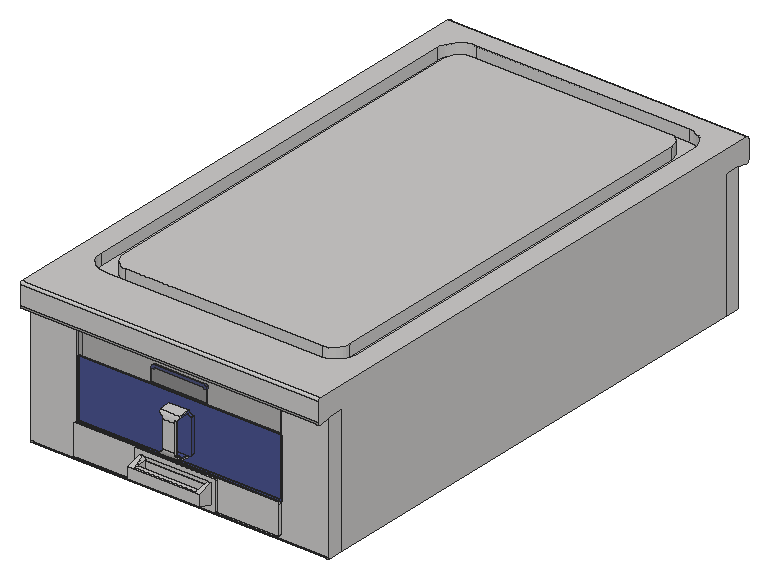
Revit family "QF_ELECTROLUXPROFESSIONAL_589005_MCLBACEOAO", category Specialty Equipment, Revit 2018
Family settings
  Round Connector Dimension = Use Diameter
  Part Type = Normal
  Work Plane-Based = No
  Always vertical = Yes
  Cut with Voids When Loaded = No
  Shared = No
  Room Calculation Point = No
Parameters
  Weight in Pounds = 165.3
  Watts = 6000 VA  # 6000 W
  Volts = 400 V  # constant formula
  URL Cutsheet = ""
  Type Mark [instance] = ""
  Status [instance] = ""
  Specification by User [instance] = ""
  Specification by Manufacturer = ""
  Show Clearance [instance] = yes
  Serial Number = ""
  Seismic Rating = ""
  SMACNA No = ""
  Revision Code [instance] = ""
  Phase = 3  # constant formula
  Omniclass Number and Title = ""
  Number of Poles [instance] = 1
  NAFEM Spec ID Number = ""
  Model = "589005"
  Min Ckt Ampacity = 0 A
  Max Overcurrent Protection = 0 A
  Masterspec = ""
  Manufacturer = "ELECTROLUX"
  Item Number [instance] = ""
  Installed By [instance] = ""
  Identify Quantity as Lot [instance] = yes
  HP = "8 HP"
  Furnished By [instance] = ""
  Foodservice Equipment Identifier [instance] = yes
  FL Amps [instance] = if(Phase = 3, Watts / (Volts * 1.73), Watts / Volts)  # 8.67052 A
  Electrical Remarks = "400 V/3N ph/50/60 Hz"  # constant formula
  Electric Connection Type [instance] = ""
  Elec Conn RI Height [instance] = 0 mm
  Elec Conn Connection Height [instance] = 0 mm
  Direct Waste Size = 0"
  Description = "EL.SOLID TOP,2 ZONES,ECO,2S,500X900X250H"
  Cycle [instance] = if([60 Hertz Option], 60 Hz, 50 Hz)  # 60 Hz
  Conn Plug = ""
  Conn Conduit = yes
  CSI MasterFormat = ""
  CSI Master Format = ""
  Back Panel [instance] = yes
  Apparent Power [instance] = if(Phase = 3, Volts * FL Amps * 1.73, Volts * FL Amps)  # 6000 VA
  60 Hertz Option [instance] = not([50 Hertz Option])  # yes
  50 Hertz Option [instance] = no
Reference planes
  plane 1 "BACK": y = 0
  plane 2: z = 0
  plane 3 "LEFT": x = 0
  plane 4 "RIGHT": x = 500
  plane 5 "FRONT": y = -900
  plane 6 "TOP": z = 250
  plane 7: x = 250
  plane 8: y = -450
  plane 9: x = 455
  plane 10: y = -1330
Forms (mm)
  Extrusion 1, solid, material "QF_Finishes_Stainless Steel"
    sketch origin (0, -487.128, 0) x (0, 1, 0) y (0, 0, 1)
      loop
        line (483.128, 250) -> (-408.872, 250)
        arc (-408.872, 250) -> (-411.7, 248.828) -> (-412.872, 246) r 4
        line (-412.872, 246) -> (-412.872, 214)
        arc (-412.872, 214) -> (-411.443, 210.936) -> (-408.177, 210.061) r 4
        line (-408.177, 210.061) -> (-391.509, 213) -> (-366.872, 213) -> (-366.872, 0) -> (441.128, 0) -> (441.128, 213) -> (465.765, 213) -> (482.433, 210.061)
        arc (482.433, 210.061) -> (485.699, 210.936) -> (487.128, 214) r 4
        line (487.128, 214) -> (487.128, 246)
        arc (487.128, 246) -> (485.956, 248.828) -> (483.128, 250) r 4
    from 0 to 500
  Extrusion 2, void
    sketch origin (653.786, 44.048, 250) x (1, 0, 0) y (0, -1, 0)
      loop
        arc (-619.186, 115.648) -> (-608.349, 89.485) -> (-582.186, 78.648) r 37
        line (-582.186, 78.648) -> (-225.386, 78.648)
        arc (-225.386, 78.648) -> (-199.223, 89.485) -> (-188.386, 115.648) r 37
        line (-188.386, 115.648) -> (-188.386, 816.572)
        arc (-188.386, 816.572) -> (-199.656, 843.779) -> (-226.863, 855.048) r 38.476
        line (-226.863, 855.048) -> (-582.186, 855.048)
        arc (-582.186, 855.048) -> (-608.349, 844.211) -> (-619.186, 818.048) r 37
        line (-619.186, 818.048) -> (-619.186, 115.648)
    from 0 to 19.1
  Extrusion 3, solid, material "QF_Finishes_Stainless Steel"
    sketch origin (0, -854, 0) x (1, 0, 0) y (0, -1, 0)
      loop
        circle (455, -169) r 6.35
    from 0 to 3.2
  Extrusion 4, solid, material "QF_Finishes_Stainless Steel"
    sketch origin (653.786, 109.048, 230.9) x (1, 0, 0) y (0, 1, 0)
      loop
        arc (-568.386, -169.048) -> (-586.347, -176.488) -> (-593.786, -194.448) r 25.4
        line (-593.786, -194.448) -> (-593.786, -869.248)
        arc (-593.786, -869.248) -> (-586.347, -887.209) -> (-568.386, -894.648) r 25.4
        line (-568.386, -894.648) -> (-239.186, -894.648)
        arc (-239.186, -894.648) -> (-221.226, -887.209) -> (-213.786, -869.248) r 25.4
        line (-213.786, -869.248) -> (-213.786, -194.448)
        arc (-213.786, -194.448) -> (-221.226, -176.488) -> (-239.186, -169.048) r 25.4
        line (-239.186, -169.048) -> (-568.386, -169.048)
    from 0 to 19.1
  Extrusion 5, solid, material "QF_Door-Drawer Clearances", visible <- "Show Clearance", detail levels coarse
    sketch origin (287.31, -881.593, 8.62) x (0, 0, 1) y (-1, 0, 0)
      loop
        line (1.973, -134.295) -> (49.317, -134.295)
        arc (49.317, -134.295) -> (50.776, -133.691) -> (51.38, -132.232) r 2.063
        line (51.38, -132.232) -> (51.38, 206.852)
        arc (51.38, 206.852) -> (50.88, 208.549) -> (49.541, 209.705) r 3.133
        line (49.541, 209.705) -> (3.067, 209.705)
        arc (3.067, 209.705) -> (0.898, 208.807) -> (0, 206.638) r 3.067
        line (0, 206.638) -> (0, -132.322)
        arc (0, -132.322) -> (0.578, -133.717) -> (1.973, -134.295) r 1.973
    from 0 to 448.407
Cuts and joins
  Extrusion 2 cuts Extrusion 1
Lines and regions (mm)
  symbolic lines
    curve 1: line (0, 0, 0) -> (500, 0, 0)
    curve 2: line (0, -900, 0) -> (0, 0, 0)
    curve 3: line (500, -900, 0) -> (0, -900, 0)
    curve 4: line (500, 0, 0) -> (500, -900, 0)
    curve 5: line (266.108, -902.326, 0) -> (266.108, -900, 0)
    curve 6: spline (260.439, -903.73, 0) -> (260.918, -903.657, 0) -> (261.396, -903.575, 0) -> (261.873, -903.486, 0) -> (262.349, -903.389, 0) -> (262.823, -903.283, 0) -> (263.297, -903.17, 0) -> (263.769, -903.049, 0) -> (264.24, -902.92, 0) -> (264.71, -902.783, 0) -> (265.177, -902.638, 0) -> (265.643, -902.486, 0) -> (266.108, -902.326, 0)
    curve 7: line (233.892, -902.326, 0) -> (233.892, -900, 0)
    curve 8: spline (233.892, -902.326, 0) -> (234.357, -902.486, 0) -> (234.823, -902.638, 0) -> (235.29, -902.783, 0) -> (235.76, -902.92, 0) -> (236.231, -903.049, 0) -> (236.703, -903.17, 0) -> (237.177, -903.283, 0) -> (237.651, -903.389, 0) -> (238.127, -903.486, 0) -> (238.604, -903.575, 0) -> (239.082, -903.657, 0) -> (239.561, -903.73, 0)
    curve 9: line (260.439, -903.73, 0) -> (239.561, -903.73, 0)
    curve 21: line (414.6, -60, 0) -> (85.4, -60, 0)
    curve 22: arc (85.4, -60, 0) -> (67.439, -67.439, 0) -> (60, -85.4, 0) r 25.4
    curve 23: line (60, -85.4, 0) -> (60, -760.2, 0)
    curve 24: arc (60, -760.2, 0) -> (67.439, -778.161, 0) -> (85.4, -785.6, 0) r 25.4
    curve 25: line (85.4, -785.6, 0) -> (414.6, -785.6, 0)
    curve 26: arc (414.6, -785.6, 0) -> (432.561, -778.161, 0) -> (440, -760.2, 0) r 25.4
    curve 27: line (440, -760.2, 0) -> (440, -85.4, 0)
    curve 28: arc (440, -85.4, 0) -> (432.561, -67.439, 0) -> (414.6, -60, 0) r 25.4
    curve 29: line (195.232, -908.767, 0) -> (193.654, -900, 0)
    curve 30: line (195.232, -908.767, 0) -> (297.667, -908.767, 0)
    curve 31: line (297.667, -908.767, 0) -> (299.244, -900, 0)
    curve 32: line (266.108, 2.326, 0) -> (266.108, 0, 0)
    curve 33: spline (260.439, 3.73, 0) -> (260.918, 3.657, 0) -> (261.396, 3.575, 0) -> (261.873, 3.486, 0) -> (262.349, 3.389, 0) -> (262.823, 3.283, 0) -> (263.297, 3.17, 0) -> (263.769, 3.049, 0) -> (264.24, 2.92, 0) -> (264.71, 2.783, 0) -> (265.177, 2.638, 0) -> (265.643, 2.486, 0) -> (266.108, 2.326, 0)
    curve 34: line (233.892, 2.326, 0) -> (233.892, 0, 0)
    curve 35: spline (233.892, 2.326, 0) -> (234.357, 2.486, 0) -> (234.823, 2.638, 0) -> (235.29, 2.783, 0) -> (235.76, 2.92, 0) -> (236.231, 3.049, 0) -> (236.703, 3.17, 0) -> (237.177, 3.283, 0) -> (237.651, 3.389, 0) -> (238.127, 3.486, 0) -> (238.604, 3.575, 0) -> (239.082, 3.657, 0) -> (239.561, 3.73, 0)
    curve 36: line (260.439, 3.73, 0) -> (239.561, 3.73, 0)
  symbolic lines, style "QF_Door-Drawer Clearances"
    curve 10: line (77.605, -1330, 0) -> (77.605, -900, 0)
    curve 11: line (77.605, -1330, 0) -> (421.605, -1330, 0)
    curve 12: line (421.605, -1330, 0) -> (421.605, -900, 0)
  symbolic lines, style "SpecialityEquipment"
    curve 13: line (71.6, -34.6, 0) -> (428.4, -34.6, 0)
    curve 14: arc (428.4, -34.6, 0) -> (454.563, -45.437, 0) -> (465.4, -71.6, 0) r 37
    curve 15: line (465.4, -71.6, 0) -> (465.4, -772.524, 0)
    curve 16: arc (465.4, -772.524, 0) -> (454.131, -799.731, 0) -> (426.924, -811, 0) r 38.476
    curve 17: line (426.924, -811, 0) -> (71.6, -811, 0)
    curve 18: arc (71.6, -811, 0) -> (45.437, -800.163, 0) -> (34.6, -774, 0) r 37
    curve 19: line (34.6, -774, 0) -> (34.6, -71.6, 0)
    curve 20: arc (34.6, -71.6, 0) -> (45.437, -45.437, 0) -> (71.6, -34.6, 0) r 37
Dimensions and locks
  plane 3 "LEFT" to plane 4 "RIGHT" = 500 mm
  plane 5 "FRONT" to plane 1 "BACK" = 900 mm
  equal spacing: plane 3 "LEFT", plane 7, plane 4 "RIGHT"
  equal spacing: plane 5 "FRONT", plane 8, plane 1 "BACK"
  plane 6 "TOP" to level = 250 mm  (x2)
  plane 1 "BACK" to plane 5 "FRONT" = 900 mm
  Extrusion 3 sketch curve to plane 1 "BACK" = 685 mm
  Extrusion 3 sketch curve to plane 4 "RIGHT" = 45 mm
  plane 1 "BACK" to Extrusion 3 = 685 mm
  plane 9 to plane 4 "RIGHT" = 45 mm
  aligned and locked: level to plane 2
  aligned and locked: cut or joined group of Extrusion 1, Extrusion 2 to plane 4 "RIGHT"
  aligned and locked: plane 7 to nested 1
Automatic sketch dimensions
  Extrusion 1 sketch curve to plane 5 "FRONT" = 0 mm
  Extrusion 1 sketch curve to plane 6 "TOP" = 0 mm
  Extrusion 1 sketch curve to level = 0 mm
  Extrusion 1 sketch curve to plane 1 "BACK" = 0 mm
  Extrusion 1 sketch curve to plane 6 "TOP" = 37 mm  (x2)
  Extrusion 1 sketch curve to plane 5 "FRONT" = 4 mm
  Extrusion 1 sketch curve to plane 5 "FRONT" = 21.363 mm
  Extrusion 1 sketch curve to plane 5 "FRONT" = 46 mm
  plane 1 "BACK" to Extrusion 1 sketch curve = 21.363 mm
  plane 1 "BACK" to Extrusion 1 sketch curve = 4 mm  (x2)
  Extrusion 1 sketch curve to Extrusion 1 sketch curve = 4 mm
  Extrusion 1 sketch curve to Extrusion 1 sketch curve = 0.695 mm
  Extrusion 1 sketch curve to Extrusion 1 sketch curve = 0 mm  (x4)
  plane 1 "BACK" to Extrusion 1 sketch curve = 4.695 mm
  Extrusion 1 sketch curve to Extrusion 1 sketch curve = 1 mm  (x2)
  plane 1 "BACK" to Extrusion 1 sketch curve = 46 mm
  plane 1 "BACK" to curve 1 = 0 mm
  curve 1 to plane 4 "RIGHT" = 0 mm
  curve 12 to plane 10 = 0 mm
  curve 2 to plane 3 "LEFT" = 0 mm
  plane 5 "FRONT" to curve 4 = 0 mm
  curve 15 to plane 9 = 10.4 mm
  plane 9 to curve 27 = 15 mm
  plane 9 to curve 13 = 26.6 mm
  plane 9 to curve 17 = 28.076 mm
  plane 9 to curve 12 = 33.395 mm
  curve 14 to curve 21 = 13.8 mm
  curve 16 to curve 25 = 12.324 mm
  plane 5 "FRONT" to curve 31 = 8.767 mm
  plane 7 to curve 31 = 47.667 mm
  curve 32 to plane 1 "BACK" = 2.326 mm
  plane 7 to curve 32 = 16.108 mm
  plane 5 "FRONT" to curve 5 = 2.326 mm
  plane 7 to curve 5 = 16.108 mm
  curve 36 to plane 1 "BACK" = 3.73 mm
  curve 32 to curve 36 = 5.669 mm
  plane 5 "FRONT" to curve 9 = 3.73 mm
  curve 5 to curve 9 = 5.669 mm
  curve 36 to plane 7 = 10.439 mm
  curve 9 to plane 7 = 10.439 mm
  plane 5 "FRONT" to curve 7 = 2.326 mm
  curve 9 to curve 7 = 5.669 mm
  curve 34 to plane 1 "BACK" = 2.326 mm
  curve 36 to curve 34 = 5.669 mm
  curve 8 to curve 30 = 38.66 mm
  plane 3 "LEFT" to curve 25 = 85.4 mm
  plane 3 "LEFT" to curve 21 = 85.4 mm
  plane 3 "LEFT" to curve 11 = 77.605 mm
  curve 25 to curve 17 = 13.8 mm
  curve 22 to curve 13 = 13.8 mm
  curve 20 to curve 23 = 11.6 mm
  curve 23 to curve 19 = 25.4 mm
  curve 31 to curve 30 = 1.578 mm
  plane 7 to curve 6 = 6.269 mm
  curve 33 to plane 1 "BACK" = 4.032 mm
  curve 36 to curve 33 = 4.17 mm
  curve 35 to plane 7 = 6.269 mm
  plane 5 "FRONT" to curve 8 = 4.032 mm
  curve 8 to curve 8 = 4.17 mm
  curve 29 to curve 29 = 1.578 mm
  plane 1 "BACK" to curve 13 = 34.6 mm
  curve 21 to curve 20 = 11.6 mm
  curve 27 to plane 5 "FRONT" = 139.8 mm
  curve 27 to curve 15 = 12.324 mm
  curve 35 to plane 1 "BACK" = 4.032 mm
  curve 8 to curve 6 = 0 mm
  Extrusion 1 to Extrusion 2 sketch curve = 34.6 mm  (x2)
  Extrusion 1 to Extrusion 2 sketch curve = 85 mm
  Extrusion 1 to Extrusion 2 sketch curve = 30.6 mm
  Extrusion 2 sketch curve to Extrusion 2 sketch curve = 37 mm  (x2)
  Extrusion 1 to Extrusion 2 sketch curve = 73.076 mm
  Extrusion 1 to Extrusion 2 sketch curve = 71.6 mm
  Extrusion 4 sketch curve to Extrusion 2 = 25.4 mm  (x3)
  Extrusion 4 sketch curve to Extrusion 4 sketch curve = 25.4 mm  (x2)
  Extrusion 4 sketch curve to Extrusion 2 = 50.8 mm  (x3)
  level to Extrusion 5 sketch curve = 8.62 mm
  plane 9 to Extrusion 5 sketch curve = 33.395 mm
  Extrusion 5 sketch curve to Extrusion 5 sketch curve = 1.973 mm
  Extrusion 5 sketch curve to Extrusion 5 sketch curve = 3.067 mm
  Extrusion 5 sketch curve to Extrusion 5 sketch curve = 47.344 mm
  Extrusion 5 sketch curve to Extrusion 5 sketch curve = 46.474 mm
  Extrusion 5 sketch curve to Extrusion 5 sketch curve = 2.063 mm
  Extrusion 5 sketch curve to Extrusion 5 sketch curve = 3.133 mm
  plane 3 "LEFT" to Extrusion 5 sketch curve = 80.672 mm
  radius of Extrusion 3 sketch curve = 6.35 mm
Nested families
  nested 1: "EST_900_500 Panel Single Centered" at (250, -854, -651.71), type "EST_900_500 Panel Single Centered"
  nested 2: "EST_900_500 Panel Single Centered" at (250, -46, -651.71), type "EST_900_500 Panel Single Centered"
    with Show Greas Trap no
Connectors
  electrical at (455, -685, -3.2), driven by "Volts", driven by "Watts"
    settings: on Extrusion 3, index 1, voltage 400 V, apparent load 6000 VA, apparent load phase1 0 VA, apparent load phase2 0 VA, apparent load phase3 0 VA, power factor 1, load classification "Other", number of poles 1, system type 30, power factor state 1, is connector primary yes, connector utility no, sub classification motor no, connector description "ELECTRICAL CONNECTION"
Definition of nested family "EST_900_500 Panel Single Centered"
  Parameters
    Show Greas Trap [instance] = yes
  Reference planes
    plane 1 "Center (Front/Back)": y = 0
    plane 2: z = 0
    plane 3 "Center (Left/Right)": x = 0
  Forms (mm)
    Extrusion 1, solid
      sketch origin (833.217, 829.203, -1.25) x (0, 1, 0) y (0, 0, 1)
        loop
          arc (-854.203, 655.96) -> (-853.324, 653.839) -> (-851.203, 652.96) r 3
          line (-851.203, 652.96) -> (-829.203, 652.96) -> (-829.203, 865.96) -> (-854.203, 865.96) -> (-854.203, 655.96)
      from -1083.217 to -583.217
    Extrusion 2, void
      sketch origin (33.217, 829.203, 0.636) x (1, 0, 0) y (0, 0, 1)
        loop
          line (-205.217, 852.364) -> (-205.217, 710.364) -> (138.783, 710.364) -> (138.783, 852.364) -> (-205.217, 852.364)
      from 843.409 to 854.203
  Cuts and joins
    Extrusion 2 cuts Extrusion 1
  Dimensions and locks
    cut or joined group of Extrusion 1, Extrusion 2 to cut or joined group of Extrusion 1, Extrusion 2 = 500 mm  (x2)
    equal spacing: cut or joined group of Extrusion 1, Extrusion 2, nested 1, cut or joined group of Extrusion 1, Extrusion 2
    cut or joined group of Extrusion 1, Extrusion 2 to cut or joined group of Extrusion 1, Extrusion 2 = 213 mm
    aligned and locked: nested 1 to cut or joined group of Extrusion 1, Extrusion 2
  Automatic sketch dimensions
    Extrusion 1 sketch curve to plane 1 "Center (Front/Back)" = 0 mm
    plane 1 "Center (Front/Back)" to Extrusion 1 sketch curve = 22 mm
    Extrusion 1 sketch curve to Extrusion 1 sketch curve = 3 mm
    level to Extrusion 1 sketch curve = 651.71 mm
    Extrusion 1 sketch curve to Extrusion 1 sketch curve = 210 mm
    Extrusion 2 sketch curve to plane 3 "Center (Left/Right)" = 172 mm
    plane 3 "Center (Left/Right)" to Extrusion 2 sketch curve = 172 mm
    level to Extrusion 2 sketch curve = 711 mm
    Extrusion 2 sketch curve to Extrusion 2 sketch curve = 142 mm
  Nested families
    nested 1: "glass conrol panel One Right Side" at (0, 279.791, 1.886), type "glass conrol panel One Right Side"
    nested 2: "Range Control Handle" at (0, -27.043, -209.113), type "Range Control Handle"
    nested 3: "grease trap door" at (65.223, -25, 0.608) x (-1, 0, 0) z (0, 0, 1), visible <- "Show Greas Trap", type "grease trap door"
  Definition of nested family "glass conrol panel One Right Side"
    Reference planes
      plane 1 "Center (Front/Back)": y = 0
      plane 2: z = 0
      plane 3 "Center (Left/Right)": x = 0
    Forms (mm)
      Extrusion 1, solid
        sketch origin (378.286, 0, 0.617) x (1, 0, 0) y (0, 0, 1)
          loop
            line (-550.286, 806.791) -> (-550.286, 708.497) -> (-206.286, 708.497) -> (-206.286, 806.791) -> (-550.286, 806.791)
        from 300.031 to 304.8
      Extrusion 2, solid
        sketch origin (378.286, 0, 0.617) x (1, 0, 0) y (0, 0, 1)
          loop
            line (-550.286, 850.497) -> (-550.286, 806.791) -> (-206.286, 806.791) -> (-206.286, 850.497) -> (-550.286, 850.497)
        from 300.031 to 304.8
      Extrusion 3, solid
        sketch origin (308.333, 1.101, -0.633) x (1, 0, 0) y (0, 0, 1)
          loop
            line (-261.431, 812.62) -> (-261.431, 834.177) -> (-266.24, 834.177) -> (-268.039, 835.977) -> (-348.469, 835.977) -> (-350.269, 834.177) -> (-355.186, 834.177) -> (-355.186, 812.62) -> (-261.431, 812.62)
        from 304.798 to 306.745
      Extrusion 4, solid
        sketch origin (308.333, 1.101, -0.633) x (1, 0, 0) y (0, 0, 1)
          loop
            line (-350.269, 834.177) -> (-348.469, 835.977) -> (-268.039, 835.977) -> (-266.24, 834.177) -> (-261.529, 834.177)
            arc (-261.529, 834.177) -> (-262.706, 838.752) -> (-266.98, 840.763) r 5.549
            line (-266.98, 840.763) -> (-349.686, 840.763)
            arc (-349.686, 840.763) -> (-353.942, 838.747) -> (-355.078, 834.177) r 5.5
            line (-355.078, 834.177) -> (-350.269, 834.177)
        from 304.798 to 306.745
      Extrusion 5, void
        sketch origin (378.286, 0, 0.617) x (1, 0, 0) y (0, 0, 1)
          loop
            line (-547.628, 847.565) -> (-547.628, 710.699) -> (-209.196, 710.699) -> (-209.196, 847.565) -> (-547.628, 847.565)
        from 303.697 to 304.8
    Cuts and joins
      Extrusion 5 cuts Extrusion 2
      Extrusion 5 cuts Extrusion 1
    Dimensions and locks
      aligned and locked: Extrusion 1 to Extrusion 2
      aligned and locked: Extrusion 4 sketch curve to Extrusion 3  (x4)
      aligned and locked: Extrusion 3 to Extrusion 4 sketch curve
      aligned and locked: Extrusion 4 to Extrusion 3
  Definition of nested family "Range Control Handle"
    Reference planes
      plane 1 "Center (Front/Back)": y = 0
      plane 2: z = 0
      plane 3 "Center (Left/Right)": x = 0
      plane 4: z = 971.092
    Forms (mm)
      Extrusion 1, solid
        sketch origin (-746.28, 380.497, 208.931) x (-1, 0, 0) y (0, 0, 1)
          loop
            line (-770.101, 786.798) -> (-770.101, 731.649)
            arc (-770.101, 731.649) -> (-769.759, 730.563) -> (-768.855, 729.87) r 1.893
            line (-768.855, 729.87) -> (-763.474, 727.911) -> (-729.81, 727.911) -> (-724.428, 729.87)
            arc (-724.428, 729.87) -> (-723.525, 730.563) -> (-723.183, 731.649) r 1.893
            line (-723.183, 731.649) -> (-723.183, 786.798)
            arc (-723.183, 786.798) -> (-723.529, 787.894) -> (-724.44, 788.593) r 1.91
            line (-724.44, 788.593) -> (-729.683, 790.819) -> (-763.601, 790.819) -> (-768.844, 788.593)
            arc (-768.844, 788.593) -> (-769.755, 787.894) -> (-770.101, 786.798) r 1.91
        from -382.35 to -378.852
      Sweep 2, solid
        path origin (-746.788, 380.496, 208.091) x (0, -1, 0) y (0, 0, 1)
          loop
            line (379.775, 793.281) -> (395.661, 791.048)
            arc (395.661, 791.048) -> (397.781, 787.377) -> (398.517, 783.202) r 12.207
            line (398.517, 783.202) -> (398.517, 737.368)
            arc (398.517, 737.368) -> (397.781, 733.193) -> (395.661, 729.522) r 12.207
            line (395.661, 729.522) -> (379.775, 727.289)
        profile origin (-746.788, -7.222, 1000.256) x (0, -0.139173, 0.990268) y (-1, 0, 0)
          loop
            line (0.782, -763.123) -> (0.782, -730.907) -> (-1.322, -730.907) -> (-1.322, -763.123) -> (0.782, -763.123)
      Sweep 3, solid
        path origin (-746.788, 380.715, 207.832) x (0, -1, 0) y (0, 0, 1)
          loop
            line (380.478, 795.442) -> (397.218, 793.09)
            arc (397.218, 793.09) -> (399.929, 788.473) -> (400.871, 783.202) r 15.207
            line (400.871, 783.202) -> (400.871, 737.584)
            arc (400.871, 737.584) -> (399.914, 732.274) -> (397.164, 727.633) r 15.207
            line (397.164, 727.633) -> (380.601, 725.305)
        profile origin (-746.788, -8.132, 1002.099) x (0, -0.139173, 0.990268) y (-1, 0, 0)
          loop
            line (0.782, -763.123) -> (0.782, -730.907) -> (-1.322, -730.907) -> (-1.322, -763.123) -> (0.782, -763.123)
      Extrusion 4, void
        sketch origin (889.253, 220.666, 207.993) x (1, 0, 0) y (0, 0, 1)
          loop
            line (-943.038, 816.854) -> (-943.038, 703.686) -> (-899.466, 734.196) -> (-899.466, 786.344) -> (-943.038, 816.854)
        from 230.636 to 242.25
      Extrusion 5, void
        sketch origin (-888.8, 220.666, 207.993) x (-1, 0, 0) y (0, 0, -1)
          loop
            line (-943.038, -816.854) -> (-899.466, -786.344) -> (-899.466, -734.196) -> (-943.038, -703.686) -> (-943.038, -816.854)
        from 230.636 to 242.25
      Extrusion 6, solid
        sketch origin (0, 0, 0) x (1, 0, 0) y (0, 0, 1)
          loop
            circle (0, 971.092) r 7.736
        from -3.137 to -1.645
    Cuts and joins
      Extrusion 4, Extrusion 5 cuts Sweep 3
      Extrusion 4, Extrusion 5 cuts Sweep 2
      joined: Extrusion 1, Extrusion 6
    Lines and regions (mm)
      symbolic lines
        curve 1: line (23.821, 1.645, 0) -> (-23.097, 1.645, 0)
        curve 2: line (16.334, -1.853, 0) -> (23.821, -1.853, 0)
        curve 3: line (-15.881, -19.189, 0) -> (-15.881, -1.853, 0)
        curve 4: line (-23.097, -1.853, 0) -> (-15.881, -1.853, 0)
        curve 5: line (16.334, -19.189, 0) -> (16.334, -1.853, 0)
        curve 6: spline (-15.881, -19.189, 0) -> (-15.417, -19.349, 0) -> (-14.951, -19.501, 0) -> (-14.483, -19.646, 0) -> (-14.014, -19.783, 0) -> (-13.543, -19.912, 0) -> (-13.071, -20.033, 0) -> (-12.597, -20.146, 0) -> (-12.122, -20.251, 0) -> (-11.646, -20.349, 0) -> (-11.169, -20.438, 0) -> (-10.691, -20.52, 0) -> (-10.213, -20.593, 0)
        curve 7: spline (10.666, -20.593, 0) -> (11.144, -20.52, 0) -> (11.622, -20.438, 0) -> (12.099, -20.349, 0) -> (12.575, -20.251, 0) -> (13.05, -20.146, 0) -> (13.524, -20.033, 0) -> (13.996, -19.912, 0) -> (14.467, -19.783, 0) -> (14.936, -19.646, 0) -> (15.404, -19.501, 0) -> (15.87, -19.349, 0) -> (16.334, -19.189, 0)
        curve 8: line (-10.213, -20.938, 0) -> (10.716, -20.938, 0)
        curve 9: line (-23.097, 1.645, 0) -> (-23.097, -1.853, 0)
        curve 10: line (23.821, 1.645, 0) -> (23.821, -1.853, 0)
  Definition of nested family "grease trap door"
    Reference planes
      plane 1 "Center (Front/Back)": y = 0
      plane 2: z = 0
      plane 3 "Center (Left/Right)": x = 0
    Forms (mm)
      Extrusion 1, solid
        sketch origin (1627.55, 854.203, -1.25) x (1, 0, 0) y (0, 0, 1)
          loop
            arc (-1627.55, 661.235) -> (-1626.972, 659.84) -> (-1625.577, 659.262) r 1.973
            line (-1625.577, 659.262) -> (-1494.325, 659.262)
            arc (-1494.325, 659.262) -> (-1492.156, 660.16) -> (-1491.258, 662.329) r 3.067
            line (-1491.258, 662.329) -> (-1491.258, 708.803)
            arc (-1491.258, 708.803) -> (-1492.414, 710.143) -> (-1494.111, 710.642) r 3.133
            line (-1494.111, 710.642) -> (-1625.486, 710.642)
            arc (-1625.486, 710.642) -> (-1626.945, 710.038) -> (-1627.55, 708.579) r 2.063
            line (-1627.55, 708.579) -> (-1627.55, 661.235)
        from 856.795 to 859.203
      Extrusion 2, solid
        sketch origin (445.874, 2476.61, 0) x (0, 1, 0) y (0, 0, 1)
          loop
            line (-2506.377, 675.273) -> (-2481.61, 667.505) -> (-2481.61, 700.995) -> (-2506.377, 693.227) -> (-2506.377, 675.273)
        from -437.68 to -317.68
      Extrusion 3, void
        sketch origin (1627.55, 854.203, -1.25) x (1, 0, 0) y (0, 0, 1)
          loop
            line (-1614.883, 703) -> (-1610.542, 695.433) -> (-1508.17, 695.433) -> (-1503.828, 703) -> (-1614.883, 703)
          loop
            line (-1614.883, 668) -> (-1502.669, 668) -> (-1507.01, 675.567) -> (-1610.542, 675.567) -> (-1614.883, 668)
        from 832.916 to 883.97
      Extrusion 4, void
        sketch origin (447.55, 854.203, -1.25) x (1, 0, 0) y (0, 0, 1)
          loop
            line (-430.542, 695.433) -> (-430.542, 675.567) -> (-328.17, 675.567) -> (-328.17, 695.433) -> (-430.542, 695.433)
        from 859.203 to 874.202
      Extrusion 5, solid
        sketch origin (1627.55, 854.203, -1.25) x (1, 0, 0) y (0, 0, 1)
          loop
            arc (-1731.556, 661.235) -> (-1730.978, 659.84) -> (-1729.583, 659.262) r 1.973
            line (-1729.583, 659.262) -> (-1390.623, 659.262)
            arc (-1390.623, 659.262) -> (-1388.454, 660.16) -> (-1387.556, 662.329) r 3.067
            line (-1387.556, 662.329) -> (-1387.556, 708.803)
            arc (-1387.556, 708.803) -> (-1388.712, 710.143) -> (-1390.409, 710.642) r 3.133
            line (-1390.409, 710.642) -> (-1729.493, 710.642)
            arc (-1729.493, 710.642) -> (-1730.952, 710.038) -> (-1731.556, 708.579) r 2.063
            line (-1731.556, 708.579) -> (-1731.556, 661.235)
        from 854.203 to 856.795
    Cuts and joins
      Extrusion 3 cuts Extrusion 1
      Extrusion 3, Extrusion 4 cuts Extrusion 2
      joined: Extrusion 1, Extrusion 2
    Lines and regions (mm)
      symbolic lines
        curve 1: line (0, -2.593, 0) -> (136.292, -2.593, 0)
        curve 2: line (17.557, -29.767, 0) -> (12.667, -2.593, 0)
        curve 3: line (17.557, -29.767, 0) -> (119.991, -29.767, 0)
        curve 4: line (119.991, -29.767, 0) -> (124.881, -2.593, 0)
        curve 5: line (68.146, -2.593, 0) -> (68.146, -29.767, 0)
      model lines
        curve 6: line (67.599, 0, 658.012) -> (67.599, 0, 709.392)
    Dimensions and locks
      aligned and locked: Extrusion 2 to Extrusion 1
      aligned and locked: Extrusion 3 to Extrusion 2
      aligned and locked: Extrusion 4 to Extrusion 1
